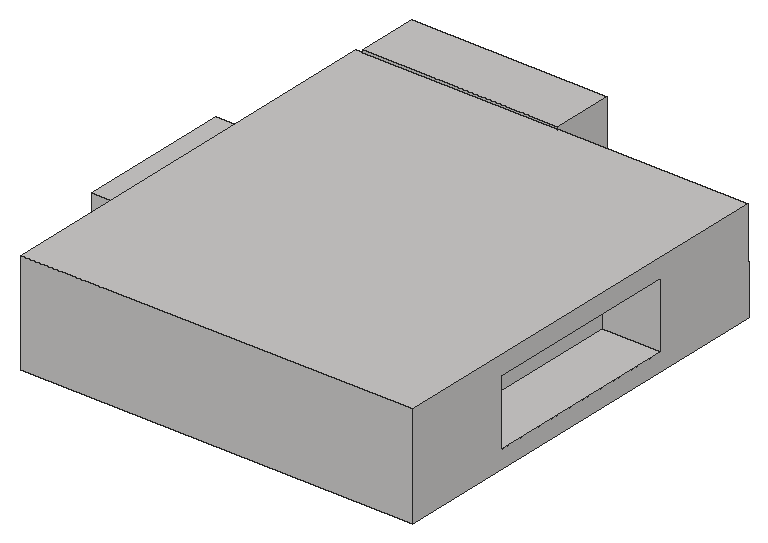
Revit family
Parameters
  Width = 3' - 7"
  Voltage = 277 V
  Unit Weight = "153.0 lbs"
  URL = "http://www.titus-hvac.com/"
  UL = "181"
  Supply Air Flow [instance] = 0 CFM
  Primary Air Pressure Drop [instance] = 0.00 in-wg
  Primary Air Flow [instance] = 0 CFM
  Plenum Air Pressure Drop [instance] = 0.00 in-wg
  Plenum Air Flow [instance] = 0 CFM
  Outlet Width = 1' - 8 1/2"
  Outlet Vertical Offset = 0' - 1 7/8"
  Outlet Horizontal Offset = 0' - 11 1/4"
  Outlet Height = 0' - 6 3/4"
  Number of Poles = 1
  Nominal Width = Width + 0' 6 1/4"  # 4' - 1 1/4"
  Nominal Length = Length + 0' 3 3/8"  # 3' - 7 5/8"
  Nominal Inlet Width = 1' - 4"
  Nominal Inlet Height = 0' - 8"
  Nominal Height = 0' - 10 3/4"
  No. of Motors = 2
  NFPA = "90A"
  Model = "DFLS"
  Min. Air Flow = 0 CFM
  Max. Air Flow = 1860 CFM
  Material = Steel
  Manufacturer = "Titus"
  Length = 3' - 4 1/4"
  Juction Box Offset = 0' - 0 3/4"
  Inlet Width = Nominal Inlet Width - 0' 0 1/8"  # 1' - 3 7/8"
  Inlet Height = Nominal Inlet Height - 0' 0 1/8"  # 0' - 7 7/8"
  Induced Air Inlet Offset V = 0' - 0 7/8"
  Induced Air Inlet Offset = 0' - 1 1/8"
  Induced Air Inlet Width = 0' - 10 3/8"
  Induced Air Inlet Height = 0' - 8 3/4"
  Induced Air Filter = no
  Height = 0' - 10 1/2"
  Heating Total Capacity [instance] = 0 Btu/h
  Half Outlet Connection Width = Outlet Width / 2  # 0' - 10 1/4"
  Half Outlet Connection Height = Outlet Height / 2  # 0' - 3 3/8"
  Half Height Start = -(Height / 2)  # -0' - 5 1/4"
  Half Height End = Height / 2  # 0' - 5 1/4"
  HP-Motor = "1/6"
  Full Load Amps = 2.5 A
  Frequency = 60 Hz
  Foil Face Liner = Choose Liner Option = 1  # no
  Fiber Free Liner = Choose Liner Option = 2  # no
  Fan Disconnect Switch = no
  Description = "Series Fan Powered Terminal Unit, Direct Digital Control, Pressure Independent, Low Profile"
  Connection Void Radius = Connection Radius - 0' 0 1/4"  # 0' - 3 11/16"
  Connection Radius = Inlet Height / 2  # 0' - 3 15/16"
  Choose Liner Option = 0
  CADworks URL = "www.CADworks.net"
  Assembly Code = "D3040100"
  Apparent Power = Voltage * Full Load Amps  # 692.5 VA
  Air Inlet Offset = 1' - 9 5/8"
  1/2" Fiberglass Liner = Choose Liner Option = 0  # yes
Reference planes (in)
  plane 1 "Center (Front/Back)": y = 0
  plane 2: z = 0
  plane 3 "Center (Left/Right)": x = 3
  plane 4: x = -17.125
  plane 5: x = 23.125
  plane 6: x = -16.375
  plane 7: x = -20.5
  plane 8 "Center (Elevation)": z = 0
  plane 9: y = -21.5
  plane 10: y = 21.5
  plane 11: y = -0.125
  plane 12: y = -20.375
  plane 13: x = -11.125
  plane 14: x = 17.125
  plane 15: z = 5.25
  plane 16: z = -5.25
  plane 17: y = 27.75
  plane 18: y = 20.375
Forms (in)
  Extrusion 1, solid, material "Steel" <- "Material"
    sketch origin (0, 0, 0) x (1, 0, 0) y (0, 1, 0)
      loop
        line (-17.125, 21.5) -> (-17.125, -21.5) -> (23.125, -21.5) -> (23.125, 21.5) -> (-17.125, 21.5)
    from -5.25 <- "Half Height Start" to 5.25 <- "Half Height End"
  Extrusion 2, solid, material "Steel" <- "Material"
    sketch origin (2.25, 0, -4.125) x (1, 0, 0) y (0, 1, 0)
      loop
        line (-18.625, 21.5) -> (1.375, 21.5) -> (1.375, 27.75) -> (-18.625, 27.75) -> (-18.625, 21.5)
    from 0 to 9.625
  Extrusion 3, void
    sketch origin (23.125, 21.5, -0.5) x (0, 1, 0) y (0, 0, -1)
      loop
        line (-11.25, -3.875) -> (-11.25, 2.875) -> (-31.75, 2.875) -> (-31.75, -3.875) -> (-11.25, -3.875)
    from 0 to 6
  Extrusion 4, solid, material "Steel" <- "Material"
    sketch origin (-26.9375, -3.125, 0) x (0, 0, -1) y (0, 1, 0)
      loop
        line (-3.9375, -4.9375) -> (3.9375, -4.9375) -> (3.9375, 10.9375) -> (-3.9375, 10.9375) -> (-3.9375, -4.9375)
    from 6.4375 to 9.8125
  Extrusion 5, void
    sketch origin (-17.125, -21.5, 0) x (0, -1, 0) y (0, 0, -1)
      loop
        line (-11.5, -4.375) -> (-1.125, -4.375) -> (-1.125, 4.375) -> (-11.5, 4.375) -> (-11.5, -4.375)
    from 0 to 6
  Extrusion 6, void
    sketch origin (-27.9375, -11, 0) x (0, 1, 0) y (0, 0, 1)
      loop
        line (18.5625, 3.6875) -> (3.1875, 3.6875) -> (3.1875, -3.6875) -> (18.5625, -3.6875) -> (18.5625, 3.6875)
    from 7.4375 to 16.8125
  Extrusion 7, void
    sketch origin (-17.125, 21.5, 0) x (0, 1, 0) y (0, 0, 1)
      loop
        line (-11.5, 4.375) -> (-11.5, -4.375) -> (-1.125, -4.375) -> (-1.125, 4.375) -> (-11.5, 4.375)
    from 0 to 6
Cuts and joins
  Extrusion 3, Extrusion 5, Extrusion 6, Extrusion 7 cuts Extrusion 1
  Extrusion 6 cuts Extrusion 4
Dimensions and locks (in)
  "Length": plane 5 to plane 4
  equal spacing: plane 5, plane 3 "Center (Left/Right)", plane 4, locked at 20.125 each
  locked: Extrusion 2 to Extrusion 2 at 20
  "Juction Box Offset": plane 6 to plane 4
  "Outlet Height": Extrusion 3 sketch curve to Extrusion 3 sketch curve
  "Outlet Width": Extrusion 3 sketch curve to Extrusion 3 sketch curve
  locked: plane 4 to plane 7 at 3.375
  "Width": plane 9 to plane 10
  equal spacing: plane 9, plane 1 "Center (Front/Back)", plane 10, locked at 21.5 each
  locked: Extrusion 2 to Extrusion 2 at 6.25
  "Air Inlet Offset": plane 10 to plane 11
  "Induced Air Inlet Offset": plane 9 to plane 12
  "Induced Air Inlet Width": Extrusion 5 sketch curve to Extrusion 5 sketch curve
  "Induced Air Inlet Height": Extrusion 5 sketch curve to Extrusion 5 sketch curve
  "Induced Air Inlet Offset": Extrusion 5 sketch curve to plane 9
  "Inlet Width": Extrusion 4 sketch curve to Extrusion 4 sketch curve
  equal spacing: Extrusion 4 sketch curve, plane 11, Extrusion 4 sketch curve
  "Inlet Height": Extrusion 4 sketch curve to Extrusion 4 sketch curve
  equal spacing: Extrusion 4 sketch curve, plane 8 "Center (Elevation)", Extrusion 4 sketch curve
  equal spacing: Extrusion 3 sketch curve, plane 8 "Center (Elevation)", Extrusion 3 sketch curve, locked at 3.375 each
  "Outlet Horizontal Offset": plane 10 to Extrusion 3 sketch curve
  "Induced Air Inlet Offset V": cut or joined group of Extrusion 1, Extrusion 3, Extrusion 5, Extrusion 6, Extrusion 7 to Extrusion 5 sketch curve
  "Induced Air Inlet Width": Extrusion 7 sketch curve to Extrusion 7 sketch curve
  "Induced Air Inlet Height": Extrusion 7 sketch curve to Extrusion 7 sketch curve
  locked: plane 4 to plane 13 at 6
  locked: plane 14 to plane 5 at 6
  locked: Extrusion 2 to Extrusion 2 at 9.625
  locked: plane 16 to Extrusion 2 at 1.125
  equal spacing: plane 15, level, plane 16, locked at 5.25 each
  "Induced Air Inlet Offset": Extrusion 7 sketch curve to plane 10
  "Induced Air Inlet Offset V": plane 15 to Extrusion 7 sketch curve
  "Inlet Width": cut or joined group of Extrusion 4, Extrusion 6 to cut or joined group of Extrusion 4, Extrusion 6
  equal spacing: cut or joined group of Extrusion 4, Extrusion 6, plane 11, cut or joined group of Extrusion 4, Extrusion 6, locked at 7.9375 each
  locked: cut or joined group of Extrusion 4, Extrusion 6 to cut or joined group of Extrusion 4, Extrusion 6 at 0.25  (x4)
  "Inlet Height": cut or joined group of Extrusion 4, Extrusion 6 to cut or joined group of Extrusion 4, Extrusion 6
  equal spacing: cut or joined group of Extrusion 4, Extrusion 6, level, cut or joined group of Extrusion 4, Extrusion 6, locked at 3.9375 each
  "Induced Air Inlet Offset": plane 18 to plane 10
  aligned and locked: Extrusion 3 to plane 14
  aligned and locked: Extrusion 5 to Extrusion 6
  aligned and locked: Extrusion 6 to plane 7
  aligned and locked: Extrusion 6 to Extrusion 7
  aligned and locked: plane 15 to cut or joined group of Extrusion 1, Extrusion 3, Extrusion 5, Extrusion 6, Extrusion 7
  aligned and locked: plane 16 to cut or joined group of Extrusion 1, Extrusion 3, Extrusion 5, Extrusion 6, Extrusion 7
  aligned and locked: plane 9 to cut or joined group of Extrusion 1, Extrusion 3, Extrusion 5, Extrusion 6, Extrusion 7
  aligned and locked: plane 10 to cut or joined group of Extrusion 1, Extrusion 3, Extrusion 5, Extrusion 6, Extrusion 7
  aligned and locked: plane 10 to Extrusion 2
  aligned and locked: plane 17 to Extrusion 2
  aligned and locked: plane 6 to Extrusion 2
  aligned and locked: plane 5 to cut or joined group of Extrusion 1, Extrusion 3, Extrusion 5, Extrusion 6, Extrusion 7  (x2)
  aligned and locked: plane 4 to cut or joined group of Extrusion 1, Extrusion 3, Extrusion 5, Extrusion 6, Extrusion 7  (x3)
  aligned and locked: plane 12 to cut or joined group of Extrusion 1, Extrusion 3, Extrusion 5, Extrusion 6, Extrusion 7
  aligned and locked: plane 13 to cut or joined group of Extrusion 1, Extrusion 3, Extrusion 5, Extrusion 6, Extrusion 7  (x3)
  aligned and locked: plane 7 to cut or joined group of Extrusion 4, Extrusion 6  (x2)
  aligned and locked: plane 4 to cut or joined group of Extrusion 4, Extrusion 6
  aligned and locked: plane 18 to cut or joined group of Extrusion 1, Extrusion 3, Extrusion 5, Extrusion 6, Extrusion 7
  aligned and locked: plane 14 to cut or joined group of Extrusion 1, Extrusion 3, Extrusion 5, Extrusion 6, Extrusion 7
Automatic sketch dimensions
  Extrusion 1 sketch curve to plane 4 = 0' - 0"
  Extrusion 1 sketch curve to plane 5 = 0' - 0"
  Extrusion 1 sketch curve to plane 9 = 0' - 0"
  Extrusion 1 sketch curve to plane 10 = 0' - 0"
  Extrusion 2 sketch curve to plane 6 = 0' - 0"
  Extrusion 2 sketch curve to plane 10 = 0' - 0"
  plane 3 "Center (Left/Right)" to Extrusion 2 sketch curve = 0' - 0 5/8"
  Extrusion 2 sketch curve to Extrusion 2 sketch curve = 0' - 6 1/4"
  level to Extrusion 6 sketch curve = 0' - 3 11/16"
  plane 11 to Extrusion 6 sketch curve = 0' - 7 11/16"
  Extrusion 6 sketch curve to level = 0' - 3 11/16"
  Extrusion 6 sketch curve to plane 1 "Center (Front/Back)" = 0' - 7 9/16"
Connectors (in)
  electrical at (-6.375, 27.75, 0.6875), driven by "Apparent Power", driven by "Voltage", driven by "Number of Poles"
    settings: on Extrusion 2, index 8
  hvac at (-20.5, -0.125, 0), driven by "Nominal Inlet Height", driven by "Nominal Inlet Width", driven by "Primary Air Pressure Drop", driven by "Primary Air Flow"
    settings: on cut or joined group of Extrusion 4, Extrusion 6, index 12
  hvac at (-17.125, -15.1875, 0), driven by "Induced Air Inlet Height", driven by "Induced Air Inlet Width", driven by "Plenum Air Pressure Drop", driven by "Plenum Air Flow"
    settings: on cut or joined group of Extrusion 1, Extrusion 3, Extrusion 5, Extrusion 6, Extrusion 7, index 14
  hvac at (23.125, 0, 0), driven by "Outlet Height", driven by "Outlet Width", driven by "Supply Air Flow"
    settings: on cut or joined group of Extrusion 1, Extrusion 3, Extrusion 5, Extrusion 6, Extrusion 7, index 16
  hvac at (-17.125, 15.1875, 0), driven by "Induced Air Inlet Height", driven by "Induced Air Inlet Width", driven by "Plenum Air Pressure Drop", driven by "Plenum Air Flow"
    settings: on cut or joined group of Extrusion 1, Extrusion 3, Extrusion 5, Extrusion 6, Extrusion 7, index 17
